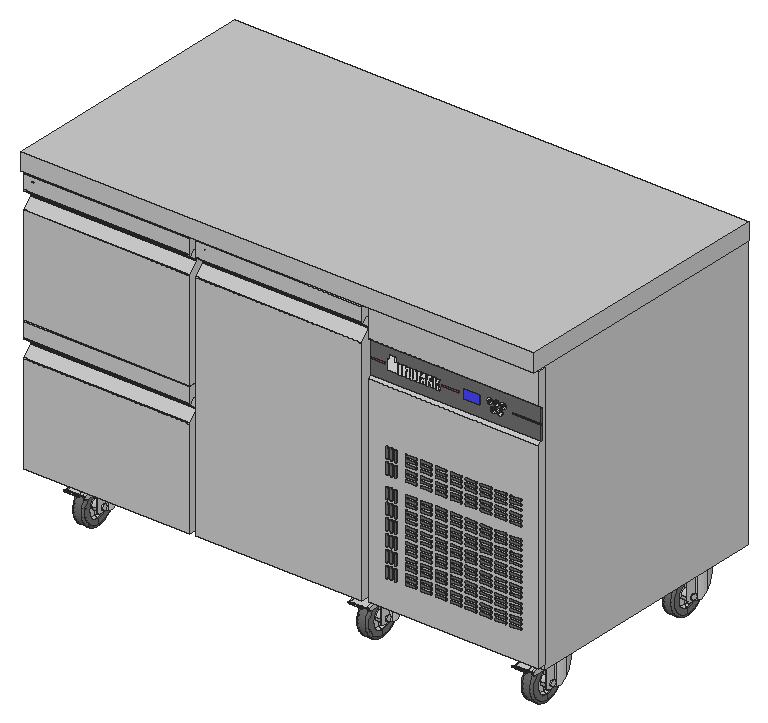
Revit family "QF_INOMAK_PNRP99_250612075801", category Specialty Equipment, Revit 2021 (continued)
Definition of nested family "QF_INOMAK_REF_COUNTERS_DOORS_DRAWERS_16448"
  Parameters (values of type "DR-LX-710")
    NAFEM Spec ID Number [instance] = ""
    Model Warning [instance] = ""
    Model = "DR-LX-710"
    Masterspec [instance] = ""
    Manufacturer = "INOMAK"
    Length Actual [instance] = 435 mm
    Left panel thickness [instance] = 0 mm
    Item Number [instance] = ""
    Installed By [instance] = ""
    Installation Date [instance] = ""
    Identify Quantity as Lot [instance] = yes
    ID [instance] = ""
    Hygiene Approval [instance] = ""
    Height Actual [instance] = 710 mm
    Furnished By [instance] = ""
    Front inset [instance] = 10 mm
    Foodservice Equipment Identifier [instance] = yes
    Finish [instance] = none
    ETL Approved [instance] = yes
    Doors drawers type [instance] = 8
    Description = "LEFT HINGED DOOR"
    Depth Actual [instance] = 700 mm
    Default Elevation = 0 mm
    CSI MasterFormat [instance] = ""
    CE Approved [instance] = yes
    Bottom inset [instance] = 10 mm
    Barcode [instance] = ""
    Author [instance] = ""
    Asset Identifier [instance] = ""
    Assembly Code = "E1090320"
    Accessory [instance] = yes
  Types (9, lengths in mm): name | Model | Height Actual | Doors drawers type | Description
    DW-2-710 | "DW-2-710" | 710 | 4 | "2 X GN 1/2 DRAWERS"
    DR-LX-710 | "DR-LX-710" | 710 | 8 | "LEFT HINGED DOOR"
    DR-RX-710 | "DR-RX-710" | 710 | 9 | "RIGHT HINGED DOOR"
    DW-3-710 | "DW-3-710" | 710 | 6 | "3 X GN 1/3 DRAWERS"
    DW-B-710 | "DW-B-710" | 710 | 5 | "1 X GN 1/3 & 1 X GN 2/3 DRAWERS"
    DW-2-483 | "DW-2-483" | 483 | 4 | "2 X GN 1/3 DRAWERS"
    DR-LX-483 | "DR-LX-483" | 483 | 8 | "LEFT HINGED DOOR"
    DR-RX-483 | "DR-RX-483" | 483 | 9 | "RIGHT HINGED DOOR"
    DW-1-483 | "DW-1-483" | 483 | 10 | "1 X GN 2/3 DRAWER"
  Reference planes
    plane 1 "Front": y = 0
    plane 2: z = 0
    plane 3 "Left": x = 0
    plane 4 "Right": x = 435
    plane 5 "Back": y = 700
    plane 6 "Top": z = 710
    plane 7 "Bottom shelf": z = 0
    plane 8: z = 700
    plane 9: z = 10
    plane 10: x = 0
    plane 11: x = 435
    plane 12 "Center Top Bottom": z = 355
  Lines and regions (mm)
    reference lines
      curve 1: line (0, 0, 355) -> (0, 25, 355)
      curve 2: line (435, 0, 355) -> (435, 25, 355)
      curve 3: line (0, 700, 355) -> (435, 700, 355)
      curve 4: line (0, 0, 355) -> (435, 0, 355)
  Dimensions and locks
    "Length Actual": plane 3 "Left" to plane 4 "Right"
    "Depth Actual": plane 1 "Front" to plane 5 "Back"
    "Height Actual": plane 6 "Top" to plane 7 "Bottom shelf"
    "Plinth height": plane 7 "Bottom shelf" to plane 2
    "Top inset": plane 6 "Top" to plane 8
    "Bottom inset": plane 9 to plane 7 "Bottom shelf"
    "Left panel thickness": plane 3 "Left" to plane 10
    "Right panel thickness": plane 11 to plane 4 "Right"
    equal spacing: plane 6 "Top", plane 12 "Center Top Bottom", plane 7 "Bottom shelf"
    "Length Actual": curve 1 to plane 4 "Right"
    "Length Actual": plane 3 "Left" to curve 2
    "Depth Actual": plane 1 "Front" to curve 3
    "Depth Actual": plane 5 "Back" to curve 4
    aligned and locked: level to plane 2
    aligned and locked: plane 3 "Left" to nested 1
    aligned and locked: plane 3 "Left" to nested 2
    aligned and locked: plane 3 "Left" to nested 3
    aligned and locked: plane 3 "Left" to nested 4
    aligned and locked: plane 3 "Left" to nested 5
    aligned and locked: plane 3 "Left" to nested 6
    aligned and locked: plane 3 "Left" to nested 7
    aligned and locked: plane 3 "Left" to nested 8
    aligned and locked: plane 3 "Left" to nested 9
    aligned and locked: nested 4 to plane 1 "Front"
    aligned and locked: nested 6 to plane 1 "Front"
    aligned and locked: nested 8 to plane 1 "Front"
    aligned and locked: nested 5 to plane 1 "Front"
    aligned and locked: nested 3 to plane 1 "Front"
    aligned and locked: nested 7 to plane 1 "Front"
    aligned and locked: nested 2 to plane 1 "Front"
    aligned and locked: nested 1 to plane 1 "Front"
    aligned and locked: nested 9 to plane 1 "Front"
  Automatic sketch dimensions
    curve 3 to plane 4 "Right" = 0 mm
    curve 3 to plane 3 "Left" = 0 mm
    curve 2 to curve 2 = 25 mm
    curve 1 to curve 1 = 25 mm
  Nested families
    nested 1: "Right_Door" at (0, 700, 0), Depth Actual <- "Depth Actual", Height Actual <- "Height Actual", Length Actual <- "Length Actual", Front inset <- "Front inset", Rear inset <- "Rear inset", Left panel thickness <- "Left panel thickness", Right panel thickness <- "Right panel thickness", Doors drawers type <- "Doors drawers type", Plinth height <- "Plinth height", Top inset <- "Top inset", Bottom inset <- "Bottom inset", type "Right door"
      with Top inset 10 mm, Right panel thickness 0 mm, Right hand hinged door no, Rear inset 0 mm, Plinth height 0 mm, Length Actual 435 mm, Left panel thickness 0 mm, Height Actual 710 mm, Front inset 10 mm, Doors drawers type 8, Depth Actual 700 mm, Bottom inset 10 mm
    nested 2: "Left_Door" at (0, 700, 0), Depth Actual <- "Depth Actual", Height Actual <- "Height Actual", Length Actual <- "Length Actual", Front inset <- "Front inset", Rear inset <- "Rear inset", Left panel thickness <- "Left panel thickness", Right panel thickness <- "Right panel thickness", Doors drawers type <- "Doors drawers type", Plinth height <- "Plinth height", Top inset <- "Top inset", Bottom inset <- "Bottom inset", type "Left door"
      with Top inset 10 mm, Right panel thickness 0 mm, Rear inset 0 mm, Plinth height 0 mm, Length Actual 435 mm, Left panel thickness 0 mm, Left hand hinged door yes, Height Actual 710 mm, Front inset 10 mm, Doors drawers type 8, Depth Actual 700 mm, Bottom inset 10 mm
    nested 3: "3_Drawers_1-3" at (0, 700, 0), Depth Actual <- "Depth Actual", Height Actual <- "Height Actual", Length Actual <- "Length Actual", Front inset <- "Front inset", Rear inset <- "Rear inset", Left panel thickness <- "Left panel thickness", Right panel thickness <- "Right panel thickness", Doors drawers type <- "Doors drawers type", Plinth height <- "Plinth height", Top inset <- "Top inset", Bottom inset <- "Bottom inset", type "3 Drawers 1-3"
      with Top inset 10 mm, Right panel thickness 0 mm, Rear inset 0 mm, Plinth height 0 mm, Length Actual 435 mm, Left panel thickness 0 mm, Height Actual 710 mm, Front inset 10 mm, Doors drawers type 8, Depth Actual 700 mm, Bottom inset 10 mm, 3 Drawers no
    nested 4: "2_Drawers_1-2" at (0, 700, 0), Depth Actual <- "Depth Actual", Height Actual <- "Height Actual", Length Actual <- "Length Actual", Front inset <- "Front inset", Rear inset <- "Rear inset", Left panel thickness <- "Left panel thickness", Right panel thickness <- "Right panel thickness", Doors drawers type <- "Doors drawers type", Plinth height <- "Plinth height", Top inset <- "Top inset", Bottom inset <- "Bottom inset", type "2 Drawers 1-2"
      with Top inset 10 mm, Right panel thickness 0 mm, Rear inset 0 mm, Plinth height 0 mm, Length Actual 435 mm, Left panel thickness 0 mm, Height Actual 710 mm, Front inset 10 mm, Doors drawers type 8, Depth Actual 700 mm, Bottom inset 10 mm, 2 Drawers no
    nested 5: "2_Drawers_1-3_2-3" at (0, 700, 0), Depth Actual <- "Depth Actual", Height Actual <- "Height Actual", Length Actual <- "Length Actual", Front inset <- "Front inset", Rear inset <- "Rear inset", Left panel thickness <- "Left panel thickness", Right panel thickness <- "Right panel thickness", Doors drawers type <- "Doors drawers type", Plinth height <- "Plinth height", Top inset <- "Top inset", Bottom inset <- "Bottom inset", type "2 Drawers 1-3 and 2-3"
      with Top inset 10 mm, Right panel thickness 0 mm, Rear inset 0 mm, Plinth height 0 mm, Length Actual 435 mm, Left panel thickness 0 mm, Height Actual 710 mm, Front inset 10 mm, Doors drawers type 8, Depth Actual 700 mm, Bottom inset 10 mm, 2 Drawers 1-3 and 2-3 no
    nested 6: "Sliding_Doors" at (0, 700, 0), Depth Actual <- "Depth Actual", Height Actual <- "Height Actual", Length Actual <- "Length Actual", Front inset <- "Front inset", Rear inset <- "Rear inset", Left panel thickness <- "Left panel thickness", Right panel thickness <- "Right panel thickness", Doors drawers type <- "Doors drawers type", Plinth height <- "Plinth height", Top inset <- "Top inset", Bottom inset <- "Bottom inset", Finish <- "Finish", type "Sliding doors"
      with Top inset 10 mm, Sliding doors no, Right panel thickness 0 mm, Rear inset 0 mm, Plinth height 0 mm, Length Actual 435 mm, Left panel thickness 0 mm, Height Actual 710 mm, Front inset 10 mm, Finish none, Doors drawers type 8, Depth Actual 700 mm, Bottom inset 10 mm
    nested 7: "4_Drawers_1-4" at (0, 700, 0), Depth Actual <- "Depth Actual", Height Actual <- "Height Actual", Length Actual <- "Length Actual", Front inset <- "Front inset", Rear inset <- "Rear inset", Left panel thickness <- "Left panel thickness", Right panel thickness <- "Right panel thickness", Doors drawers type <- "Doors drawers type", Plinth height <- "Plinth height", Top inset <- "Top inset", Bottom inset <- "Bottom inset", Finish <- "Finish", type "4 Drawers 1-4"
      with Top inset 10 mm, Right panel thickness 0 mm, Rear inset 0 mm, Plinth height 0 mm, Length Actual 435 mm, Left panel thickness 0 mm, Height Actual 710 mm, Front inset 10 mm, Finish none, Doors drawers type 8, Depth Actual 700 mm, Bottom inset 10 mm, 4 Drawers no
    nested 8: "Hinged_Doors" at (0, 700, 0), Length Actual <- "Length Actual", Depth Actual <- "Depth Actual", Height Actual <- "Height Actual", Front inset <- "Front inset", Rear inset <- "Rear inset", Left panel thickness <- "Left panel thickness", Right panel thickness <- "Right panel thickness", Doors drawers type <- "Doors drawers type", Plinth height <- "Plinth height", Top inset <- "Top inset", Bottom inset <- "Bottom inset", Finish <- "Finish", type "Hinged doors"
      with Top inset 10 mm, Right panel thickness 0 mm, Rear inset 0 mm, Plinth height 0 mm, Length Actual 435 mm, Left panel thickness 0 mm, Hinged doors no, Height Actual 710 mm, Front inset 10 mm, Finish none, Doors drawers type 8, Depth Actual 700 mm, Bottom inset 10 mm
    nested 9: "Hopper" at (0, 700, 1.284), Length Actual <- "Length Actual", Depth Actual <- "Depth Actual", Height Actual <- "Height Actual", Front inset <- "Front inset", Rear inset <- "Rear inset", Left panel thickness <- "Left panel thickness", Right panel thickness <- "Right panel thickness", Doors drawers type <- "Doors drawers type", Plinth height <- "Plinth height", Top inset <- "Top inset", Bottom inset <- "Bottom inset", Finish <- "Finish", type "Hopper"
      with Top inset 10 mm, Right panel thickness 0 mm, Rear inset 0 mm, Plinth height 0 mm, Length Actual 435 mm, Left panel thickness 0 mm, Hopper no, Height Actual 710 mm, Front inset 10 mm, Finish none, Doors drawers type 8, Depth Actual 700 mm, Bottom inset 10 mm
  Definition of nested family "Left_Door"
    Parameters (values of type "Left door")
      URL = "www.specifiglobal.com"
      Top inset [instance] = 10 mm
      Right panel thickness [instance] = 0 mm
      Rear inset [instance] = 0 mm
      Plinth height [instance] = 150 mm
      Model = ""
      Manufacturer = "DEMO CONSULTANT"
      Length Actual [instance] = 700 mm
      Left panel thickness [instance] = 0 mm
      Left hand hinged door [instance] = Doors drawers type = 8  # yes
      Height Actual [instance] = 710 mm
      Front inset [instance] = 10 mm
      Finish = none
      Doors drawers type [instance] = 8
      Description = ""
      Depth Actual [instance] = 700 mm
      Default Elevation = 0 mm
      Bottom inset [instance] = 0 mm
      Assembly Code = "E1090320"
    Reference planes
      plane 1 "Back": y = 0
      plane 2: z = 0
      plane 3 "Left": x = 0
      plane 4 "Right": x = 700
      plane 5 "Front": y = -700
      plane 6 "Top": z = 860
      plane 7 "Front legs": y = -690
      plane 8 "Legs top": z = 150
      plane 9 "Backsplash thickness": y = 0
      plane 10 "Left panel": x = 0
      plane 11 "Right panel": x = 700
      plane 12: z = 850
      plane 13: z = 150
    Forms (mm)
      Extrusion 1, solid, material <- "Finish", visible <- "Left hand hinged door"
        sketch origin (0, 0, 0) x (0, -1, 0) y (0, 0, 1)
          loop
            line (690, 150) -> (690, 764.365)
            arc (690, 764.365) -> (689.866, 765.037) -> (689.485, 765.607) r 1.757
            line (689.485, 765.607) -> (666.663, 788.429)
            arc (666.663, 788.429) -> (665.976, 789.458) -> (665.734, 790.672) r 3.172
            line (665.734, 790.672) -> (665.734, 817.576)
            arc (665.734, 817.576) -> (666.433, 819.262) -> (668.119, 819.961) r 2.385
            line (668.119, 819.961) -> (680.029, 819.961) -> (686.544, 810.657)
            arc (686.544, 810.657) -> (688.671, 809.935) -> (690, 811.747) r 1.9
            line (690, 811.747) -> (690, 850) -> (648, 850) -> (648, 150) -> (690, 150)
        from 0 to -700
      Extrusion 2, solid, visible <- "Left hand hinged door", detail levels coarse
        sketch origin (0, -700, 150) x (-1, 0, 0) y (0, 1, 0)
          loop
            arc (-700, 10) -> (-495.871, -481.066) -> (0, -673.23) r 677.11
            line (0, -673.23) -> (0, 10) -> (-700, 10)
        from 0 to -700
    Lines and regions (mm)
      symbolic lines, visible <- "Left hand hinged door"
        curve 1: line (0, -700, 150) -> (0, -1373.247, 150)
        curve 2: arc (0, -1373.247, 150) -> (492.316, -1184.595, 150) -> (700, -700, 150) r 676.963
    Dimensions and locks
      "Length Actual": plane 3 "Left" to plane 4 "Right"
      "Depth Actual": plane 5 "Front" to plane 1 "Back"
      "Height Actual": plane 6 "Top" to plane 8 "Legs top"
      "Front inset": plane 7 "Front legs" to plane 5 "Front"
      "Plinth height": plane 8 "Legs top" to plane 2
      "Rear inset": plane 9 "Backsplash thickness" to plane 1 "Back"
      "Right panel thickness": plane 11 "Right panel" to plane 4 "Right"
      "Left panel thickness": plane 3 "Left" to plane 10 "Left panel"
      "Top inset": plane 6 "Top" to plane 12
      "Bottom inset": plane 13 to plane 8 "Legs top"
      aligned and locked: level to plane 2
      aligned and locked: Extrusion 1 to plane 11 "Right panel"
      aligned and locked: plane 10 "Left panel" to Extrusion 2 sketch curve
      aligned and locked: plane 11 "Right panel" to Extrusion 2 sketch curve
      aligned and locked: Extrusion 2 sketch curve to plane 10 "Left panel"
      aligned and locked: plane 7 "Front legs" to Extrusion 2 sketch curve
      aligned and locked: plane 7 "Front legs" to Extrusion 2
      aligned and locked: plane 10 "Left panel" to Extrusion 2
      aligned and locked: Extrusion 2 to plane 12
      aligned and locked: Extrusion 1 sketch curve to plane 13
      aligned and locked: Extrusion 1 sketch curve to plane 7 "Front legs"
      aligned and locked: Extrusion 1 sketch curve to plane 12
    Automatic sketch dimensions
      Extrusion 1 sketch curve to Extrusion 1 sketch curve = 1.556 mm
      Extrusion 1 sketch curve to Extrusion 1 sketch curve = 11.91 mm
      Extrusion 1 sketch curve to Extrusion 1 sketch curve = 2.243 mm
      Extrusion 1 sketch curve to Extrusion 1 sketch curve = 2.385 mm
      Extrusion 1 sketch curve to Extrusion 1 sketch curve = 20.119 mm
      Extrusion 1 sketch curve to Extrusion 1 sketch curve = 22.822 mm
      Extrusion 1 sketch curve to Extrusion 1 sketch curve = 19.985 mm
      Extrusion 1 sketch curve to Extrusion 1 sketch curve = 6.919 mm
      Extrusion 1 sketch curve to Extrusion 1 sketch curve = 30.039 mm
      plane 7 "Front legs" to Extrusion 1 sketch curve = 42 mm
      Extrusion 1 sketch curve to Extrusion 1 sketch curve = 0.929 mm
      Extrusion 1 sketch curve to Extrusion 1 sketch curve = 6.515 mm
      Extrusion 1 sketch curve to Extrusion 1 sketch curve = 1.242 mm
      Extrusion 1 sketch curve to Extrusion 1 sketch curve = 1.9 mm
      Extrusion 1 sketch curve to Extrusion 1 sketch curve = 0.515 mm
      plane 5 "Front" to Extrusion 2 sketch curve = 3.492 mm
      plane 3 "Left" to Extrusion 2 sketch curve = 22.921 mm
      curve 1 to plane 3 "Left" = 0 mm
      curve 2 to plane 4 "Right" = 0 mm
      curve 2 to plane 5 "Front" = 0 mm
      curve 1 to plane 5 "Front" = 0 mm
      plane 5 "Front" to curve 2 = 3.324 mm
      plane 3 "Left" to curve 2 = 23.045 mm
  Definition of nested family "Right_Door"
    Parameters (values of type "Right door")
      URL = "www.specifiglobal.com"
      Top inset [instance] = 4 mm
      Right panel thickness [instance] = 35 mm
      Right hand hinged door [instance] = Doors drawers type = 9  # yes
      Rear inset [instance] = 10 mm
      Plinth height [instance] = 150 mm
      Model = ""
      Manufacturer = "DEMO CONSULTANT"
      Length Actual [instance] = 1700 mm
      Left panel thickness [instance] = 35 mm
      Height Actual [instance] = 900 mm
      Front inset [instance] = 10 mm
      Finish = none
      Doors drawers type [instance] = 9
      Description = ""
      Depth Actual [instance] = 700 mm
      Default Elevation = 0 mm
      Bottom inset [instance] = 4 mm
      Assembly Code = "E1090320"
    Reference planes
      plane 1 "Back": y = 0
      plane 2: z = 0
      plane 3 "Left": x = 0
      plane 4 "Right": x = 1700
      plane 5 "Front": y = -700
      plane 6 "Top": z = 1050
      plane 7 "Front legs": y = -690
      plane 8 "Legs top": z = 150
      plane 9 "Backsplash thickness": y = -10
      plane 10 "Left panel": x = 35
      plane 11 "Right panel": x = 1665
      plane 12: z = 1046
      plane 13: z = 154
    Forms (mm)
      Extrusion 1, solid, material <- "Finish", visible <- "Right hand hinged door"
        sketch origin (35, 0, 0) x (0, -1, 0) y (0, 0, 1)
          loop
            line (690, 154) -> (690, 960.365)
            arc (690, 960.365) -> (689.866, 961.037) -> (689.485, 961.607) r 1.757
            line (689.485, 961.607) -> (666.663, 984.429)
            arc (666.663, 984.429) -> (665.976, 985.458) -> (665.734, 986.672) r 3.172
            line (665.734, 986.672) -> (665.734, 1013.576)
            arc (665.734, 1013.576) -> (666.433, 1015.262) -> (668.119, 1015.961) r 2.385
            line (668.119, 1015.961) -> (680.029, 1015.961) -> (686.544, 1006.657)
            arc (686.544, 1006.657) -> (688.671, 1005.935) -> (690, 1007.747) r 1.9
            line (690, 1007.747) -> (690, 1046) -> (648, 1046) -> (648, 154) -> (690, 154)
        from 0 to -1630
      Extrusion 2, solid, visible <- "Right hand hinged door", detail levels coarse
        sketch origin (0, -700, 154) x (-1, 0, 0) y (0, 1, 0)
          loop
            line (-1665, 10) -> (-1665, -1637.12)
            arc (-1665, -1637.12) -> (-517.894, -1142.214) -> (-35, 10) r 1670.236
            line (-35, 10) -> (-1665, 10)
        from 0 to -892
    Lines and regions (mm)
      symbolic lines, visible <- "Right hand hinged door"
        curve 1: line (1665, -2337.12, 150) -> (1665, -700, 150)
        curve 2: arc (1665, -2337.12, 150) -> (521.415, -1845.762, 150) -> (35.165, -699.995, 150) r 1670.236
    Dimensions and locks
      "Length Actual": plane 3 "Left" to plane 4 "Right"
      "Depth Actual": plane 5 "Front" to plane 1 "Back"
      "Height Actual": plane 6 "Top" to plane 8 "Legs top"
      "Front inset": plane 7 "Front legs" to plane 5 "Front"
      "Plinth height": plane 8 "Legs top" to plane 2
      "Rear inset": plane 9 "Backsplash thickness" to plane 1 "Back"
      "Right panel thickness": plane 11 "Right panel" to plane 4 "Right"
      "Left panel thickness": plane 3 "Left" to plane 10 "Left panel"
      "Top inset": plane 6 "Top" to plane 12
      "Bottom inset": plane 13 to plane 8 "Legs top"
      aligned and locked: level to plane 2
      aligned and locked: Extrusion 1 to plane 11 "Right panel"
      aligned and locked: plane 10 "Left panel" to Extrusion 2 sketch curve
      aligned and locked: plane 11 "Right panel" to Extrusion 2 sketch curve
      aligned and locked: plane 7 "Front legs" to Extrusion 2
      aligned and locked: plane 7 "Front legs" to Extrusion 2 sketch curve
      aligned and locked: Extrusion 2 sketch curve to plane 11 "Right panel"
      aligned and locked: curve 1 to Extrusion 2
      aligned and locked: plane 5 "Front" to curve 1
      aligned and locked: Extrusion 2 to plane 12
      aligned and locked: Extrusion 1 sketch curve to plane 12
      aligned and locked: Extrusion 1 sketch curve to plane 7 "Front legs"
      aligned and locked: Extrusion 1 sketch curve to plane 13
      aligned and locked: curve 2 to Extrusion 2
    Automatic sketch dimensions
      Extrusion 1 sketch curve to Extrusion 1 sketch curve = 1.556 mm
      Extrusion 1 sketch curve to Extrusion 1 sketch curve = 11.91 mm
      Extrusion 1 sketch curve to Extrusion 1 sketch curve = 2.243 mm
      Extrusion 1 sketch curve to Extrusion 1 sketch curve = 2.385 mm
      Extrusion 1 sketch curve to Extrusion 1 sketch curve = 20.119 mm
      Extrusion 1 sketch curve to Extrusion 1 sketch curve = 22.822 mm
      Extrusion 1 sketch curve to Extrusion 1 sketch curve = 19.985 mm
      Extrusion 1 sketch curve to Extrusion 1 sketch curve = 6.919 mm
      Extrusion 1 sketch curve to Extrusion 1 sketch curve = 30.039 mm
      plane 7 "Front legs" to Extrusion 1 sketch curve = 42 mm
      Extrusion 1 sketch curve to Extrusion 1 sketch curve = 0.929 mm
      Extrusion 1 sketch curve to Extrusion 1 sketch curve = 6.515 mm
      Extrusion 1 sketch curve to Extrusion 1 sketch curve = 1.242 mm
      Extrusion 1 sketch curve to Extrusion 1 sketch curve = 1.9 mm
      Extrusion 1 sketch curve to Extrusion 1 sketch curve = 0.515 mm
      Extrusion 2 sketch curve to plane 4 "Right" = 5.083 mm
      plane 7 "Front legs" to Extrusion 2 sketch curve = 22.635 mm
      plane 5 "Front" to curve 2 = 0.005 mm
  Definition of nested family "3_Drawers_1-3"
    Parameters (values of type "3 Drawers 1-3")
      URL = "www.specifiglobal.com"
      Top inset [instance] = 4 mm
      Right panel thickness [instance] = 35 mm
      Rear inset [instance] = 10 mm
      Plinth height [instance] = 150 mm
      Model = ""
      Manufacturer = "DEMO CONSULTANT"
      Length Actual [instance] = 1200 mm
      Left panel thickness [instance] = 35 mm
      Height Actual [instance] = 900 mm
      Front inset [instance] = 10 mm
      Finish = none
      Doors drawers type [instance] = 6
      Description = ""
      Depth Actual [instance] = 700 mm
      Default Elevation = 0 mm
      Bottom inset [instance] = 4 mm
      Assembly Code = "E1090320"
      3 Drawers [instance] = Doors drawers type = 6  # yes
    Reference planes
      plane 1 "Back": y = 0
      plane 2: z = 0
      plane 3 "Left": x = 0
      plane 4 "Right": x = 1200
      plane 5 "Front": y = -700
      plane 6 "Top": z = 1050
      plane 7 "Front legs": y = -690
      plane 8 "Legs top": z = 150
      plane 9 "Backsplash thickness": y = -10
      plane 10 "Left panel": x = 35
      plane 11 "Right panel": x = 1165
      plane 12: z = 749.333
      plane 13: z = 1046
      plane 14: z = 751.667
      plane 15: z = 747
      plane 16: z = 1048
      plane 17: z = 450.667
      plane 18: z = 453.333
      plane 19: z = 448
      plane 20: z = 154
      plane 21: z = 152
    Forms (mm)
      Extrusion 1, solid, material <- "Finish", visible <- "3 Drawers"
        sketch origin (35, 0, 0) x (0, -1, 0) y (0, 0, 1)
          loop
            line (690, 751.667) -> (690, 960.365)
            arc (690, 960.365) -> (689.866, 961.037) -> (689.485, 961.607) r 1.757
            line (689.485, 961.607) -> (666.663, 984.429)
            arc (666.663, 984.429) -> (665.976, 985.458) -> (665.734, 986.672) r 3.172
            line (665.734, 986.672) -> (665.734, 1013.576)
            arc (665.734, 1013.576) -> (666.433, 1015.262) -> (668.119, 1015.961) r 2.385
            line (668.119, 1015.961) -> (680.029, 1015.961) -> (686.544, 1006.657)
            arc (686.544, 1006.657) -> (688.671, 1005.935) -> (690, 1007.747) r 1.9
            line (690, 1007.747) -> (690, 1046) -> (648, 1046) -> (648, 751.667) -> (690, 751.667)
        from 0 to -1130
      Extrusion 2, solid, visible <- "3 Drawers", detail levels coarse
        sketch origin (0, -640.463, 751.667) x (0, 1, 0) y (-1, 0, 0)
          loop
            line (-49.537, -35) -> (-624.582, -35) -> (-624.582, -1165) -> (-49.537, -1165) -> (-49.537, -35)
        from 0 to 294.333
      Extrusion 3, solid, visible <- "3 Drawers", detail levels coarse
        sketch origin (0, -640.463, 453.333) x (0, 1, 0) y (-1, 0, 0)
          loop
            line (-49.537, -35) -> (-624.582, -35) -> (-624.582, -1165) -> (-49.537, -1165) -> (-49.537, -35)
        from 0 to 293.667
      Extrusion 4, solid, visible <- "3 Drawers", detail levels coarse
        sketch origin (0, -700, 154) x (-1, 0, 0) y (0, 1, 0)
          loop
            line (-35, 10) -> (-1165, 10) -> (-1165, -565.045) -> (-35, -565.045) -> (-35, 10)
        from 0 to -294
      Extrusion 5, solid, material <- "Finish", visible <- "3 Drawers"
        sketch origin (35, 0, -220.667) x (0, -1, 0) y (0, 0, 1)
          loop
            line (690, 674) -> (690, 882.031)
            arc (690, 882.031) -> (689.866, 882.704) -> (689.485, 883.274) r 1.757
            line (689.485, 883.274) -> (666.663, 906.096)
            arc (666.663, 906.096) -> (665.976, 907.125) -> (665.734, 908.339) r 3.172
            line (665.734, 908.339) -> (665.734, 935.243)
            arc (665.734, 935.243) -> (666.433, 936.929) -> (668.119, 937.628) r 2.385
            line (668.119, 937.628) -> (680.029, 937.628) -> (686.544, 928.324)
            arc (686.544, 928.324) -> (688.671, 927.602) -> (690, 929.414) r 1.9
            line (690, 929.414) -> (690, 967.667) -> (648, 967.667) -> (648, 674) -> (690, 674)
        from 0 to -1130
      Extrusion 6, solid, material <- "Finish", visible <- "3 Drawers"
        sketch origin (35, 0, -441.333) x (0, -1, 0) y (0, 0, 1)
          loop
            line (690, 595.333) -> (690, 800.031)
            arc (690, 800.031) -> (689.866, 800.704) -> (689.485, 801.274) r 1.757
            line (689.485, 801.274) -> (666.663, 824.096)
            arc (666.663, 824.096) -> (665.976, 825.125) -> (665.734, 826.339) r 3.172
            line (665.734, 826.339) -> (665.734, 857.243)
            arc (665.734, 857.243) -> (666.433, 858.929) -> (668.119, 859.628) r 2.385
            line (668.119, 859.628) -> (680.029, 859.628) -> (686.544, 850.324)
            arc (686.544, 850.324) -> (688.671, 849.602) -> (690, 851.414) r 1.9
            line (690, 851.414) -> (690, 889.333) -> (648, 889.333) -> (648, 595.333) -> (690, 595.333)
        from 0 to -1130
    Lines and regions (mm)
      symbolic lines, visible <- "3 Drawers"
        curve 1: line (35, -850, 900) -> (35, -890, 900)
        curve 2: line (35, -890, 900) -> (1165, -890, 900)
        curve 3: line (1165, -890, 900) -> (1165, -850, 900)
        curve 4: line (1165, -850, 900) -> (35, -850, 900)
        curve 5: line (1135, -850, 900) -> (1135, -700, 900)
        curve 6: line (65, -850, 900) -> (65, -700, 900)
        curve 7: line (35, -1040, 900) -> (35, -1080, 900)
        curve 8: line (35, -1080, 900) -> (1165, -1080, 900)
        curve 9: line (1165, -1080, 900) -> (1165, -1040, 900)
        curve 10: line (1165, -1040, 900) -> (35, -1040, 900)
        curve 11: line (1135, -1040, 900) -> (1135, -890, 900)
        curve 12: line (65, -1040, 900) -> (65, -890, 900)
        curve 13: line (35, -1225, 900) -> (35, -1265, 900)
        curve 14: line (35, -1265, 900) -> (1165, -1265, 900)
        curve 15: line (1165, -1265, 900) -> (1165, -1225, 900)
        curve 16: line (1165, -1225, 900) -> (35, -1225, 900)
        curve 17: line (1135, -1225, 900) -> (1135, -1080, 900)
        curve 18: line (65, -1225, 900) -> (65, -1080, 900)
    Dimensions and locks
      "Length Actual": plane 3 "Left" to plane 4 "Right"
      "Depth Actual": plane 5 "Front" to plane 1 "Back"
      "Height Actual": plane 6 "Top" to plane 8 "Legs top"
      "Front inset": plane 7 "Front legs" to plane 5 "Front"
      "Plinth height": plane 8 "Legs top" to plane 2
      "Rear inset": plane 9 "Backsplash thickness" to plane 1 "Back"
      "Right panel thickness": plane 11 "Right panel" to plane 4 "Right"
      "Left panel thickness": plane 3 "Left" to plane 10 "Left panel"
      plane 14 to plane 15 = 4.667 mm
      equal spacing: plane 14, plane 12, plane 15
      locked: plane 16 to plane 13 at 2
      equal spacing: plane 18, plane 17, plane 19
      plane 18 to plane 19 = 5.333 mm
      "Bottom inset": plane 20 to plane 8 "Legs top"
      equal spacing: plane 21, plane 17, plane 12, plane 16
      "Top inset": plane 13 to plane 6 "Top"
      locked: plane 21 to plane 20 at 2
      aligned and locked: level to plane 2
      aligned and locked: Extrusion 1 to plane 11 "Right panel"
      aligned and locked: plane 10 "Left panel" to curve 1
      aligned and locked: plane 10 "Left panel" to curve 7
      aligned and locked: plane 10 "Left panel" to curve 13
      aligned and locked: Extrusion 2 sketch curve to plane 10 "Left panel"
      aligned and locked: plane 11 "Right panel" to Extrusion 2 sketch curve
      aligned and locked: Extrusion 3 sketch curve to plane 10 "Left panel"
      aligned and locked: plane 11 "Right panel" to Extrusion 3 sketch curve
      aligned and locked: Extrusion 4 sketch curve to plane 10 "Left panel"
      aligned and locked: plane 11 "Right panel" to Extrusion 4 sketch curve
      aligned and locked: Extrusion 2 to plane 13
      aligned and locked: Extrusion 3 to plane 15
      aligned and locked: Extrusion 4 to plane 19
      aligned and locked: Extrusion 5 to plane 11 "Right panel"
      aligned and locked: Extrusion 6 to plane 11 "Right panel"
      aligned and locked: Extrusion 1 sketch curve to plane 13
      aligned and locked: Extrusion 1 sketch curve to plane 7 "Front legs"
      aligned and locked: plane 18 to Extrusion 5 sketch curve
      aligned and locked: Extrusion 6 sketch curve to Extrusion 4  (x2)
      aligned and locked: Extrusion 5 sketch curve to plane 15
      aligned and locked: Extrusion 4 to Extrusion 5 sketch curve
      aligned and locked: Extrusion 6 sketch curve to plane 19
      aligned and locked: Extrusion 6 sketch curve to plane 20
    Automatic sketch dimensions
      Extrusion 2 sketch curve to plane 7 "Front legs" = 0 mm
      Extrusion 2 sketch curve to plane 5 "Front" = 565.045 mm
      Extrusion 3 sketch curve to plane 7 "Front legs" = 0 mm
      Extrusion 3 sketch curve to plane 5 "Front" = 565.045 mm
      Extrusion 4 sketch curve to plane 7 "Front legs" = 0 mm
      Extrusion 4 sketch curve to plane 5 "Front" = 565.045 mm
      curve 14 to plane 11 "Right panel" = 0 mm
      curve 8 to plane 11 "Right panel" = 0 mm
      curve 3 to plane 11 "Right panel" = 0 mm
      curve 6 to plane 5 "Front" = 0 mm
      curve 5 to plane 5 "Front" = 0 mm
      curve 1 to plane 5 "Front" = 150 mm
      curve 2 to curve 3 = 40 mm
      curve 10 to curve 1 = 150 mm
      curve 9 to curve 9 = 40 mm
      curve 13 to curve 7 = 145 mm
      curve 14 to curve 13 = 40 mm
      curve 3 to curve 5 = 30 mm
      curve 15 to curve 17 = 30 mm
      curve 11 to curve 17 = 0 mm
      curve 6 to plane 10 "Left panel" = 30 mm
      curve 18 to plane 10 "Left panel" = 30 mm
      curve 12 to curve 18 = 0 mm
      Extrusion 1 sketch curve to plane 14 = 0 mm
      Extrusion 1 sketch curve to plane 7 "Front legs" = 0 mm
      plane 7 "Front legs" to Extrusion 1 sketch curve = 0.515 mm
      plane 7 "Front legs" to Extrusion 1 sketch curve = 1.757 mm
      plane 7 "Front legs" to Extrusion 1 sketch curve = 1.9 mm
      Extrusion 1 sketch curve to Extrusion 1 sketch curve = 1.556 mm
      plane 7 "Front legs" to Extrusion 1 sketch curve = 9.971 mm
      plane 7 "Front legs" to Extrusion 1 sketch curve = 21.094 mm
      Extrusion 1 sketch curve to Extrusion 1 sketch curve = 11.91 mm
      Extrusion 1 sketch curve to Extrusion 1 sketch curve = 2.243 mm
      Extrusion 1 sketch curve to Extrusion 1 sketch curve = 2.385 mm
      Extrusion 1 sketch curve to Extrusion 1 sketch curve = 20.119 mm
      plane 13 to Extrusion 1 sketch curve = 85.635 mm
      Extrusion 1 sketch curve to Extrusion 1 sketch curve = 22.822 mm
      Extrusion 1 sketch curve to Extrusion 1 sketch curve = 19.985 mm
      Extrusion 1 sketch curve to Extrusion 1 sketch curve = 6.919 mm
      plane 15 to Extrusion 5 sketch curve = 59.328 mm
      Extrusion 5 sketch curve to Extrusion 5 sketch curve = 17.734 mm
      plane 15 to Extrusion 5 sketch curve = 61.571 mm
      Extrusion 5 sketch curve to Extrusion 5 sketch curve = 0.929 mm
      Extrusion 5 sketch curve to Extrusion 5 sketch curve = 2.385 mm
      Extrusion 5 sketch curve to Extrusion 5 sketch curve = 11.91 mm
      Extrusion 5 sketch curve to Extrusion 5 sketch curve = 6.515 mm
      Extrusion 5 sketch curve to Extrusion 5 sketch curve = 1.556 mm
      Extrusion 5 sketch curve to Extrusion 5 sketch curve = 21.58 mm
      plane 15 to Extrusion 5 sketch curve = 84.393 mm
      Extrusion 5 sketch curve to Extrusion 5 sketch curve = 1.242 mm
      Extrusion 5 sketch curve to Extrusion 5 sketch curve = 1.9 mm
      Extrusion 5 sketch curve to Extrusion 5 sketch curve = 0.515 mm
      Extrusion 5 sketch curve to Extrusion 5 sketch curve = 6.919 mm
      Extrusion 5 sketch curve to Extrusion 5 sketch curve = 30.039 mm
      plane 7 "Front legs" to Extrusion 6 sketch curve = 0.515 mm
      plane 7 "Front legs" to Extrusion 6 sketch curve = 1.757 mm
      plane 7 "Front legs" to Extrusion 6 sketch curve = 1.9 mm
      Extrusion 6 sketch curve to Extrusion 6 sketch curve = 1.556 mm
      plane 7 "Front legs" to Extrusion 6 sketch curve = 9.971 mm
      plane 7 "Front legs" to Extrusion 6 sketch curve = 21.094 mm
      Extrusion 6 sketch curve to Extrusion 6 sketch curve = 11.91 mm
      Extrusion 6 sketch curve to Extrusion 6 sketch curve = 2.243 mm
      Extrusion 6 sketch curve to Extrusion 6 sketch curve = 2.385 mm
      Extrusion 6 sketch curve to Extrusion 6 sketch curve = 20.119 mm
      plane 19 to Extrusion 6 sketch curve = 89.302 mm
      Extrusion 6 sketch curve to Extrusion 6 sketch curve = 22.822 mm
      Extrusion 6 sketch curve to Extrusion 6 sketch curve = 23.985 mm
      Extrusion 6 sketch curve to Extrusion 6 sketch curve = 6.919 mm
  Definition of nested family "2_Drawers_1-2"
    Parameters (values of type "2 Drawers 1-2")
      URL = "www.specifiglobal.com"
      Top inset [instance] = 4 mm
      Right panel thickness [instance] = 35 mm
      Rear inset [instance] = 10 mm
      Plinth height [instance] = 150 mm
      Model = ""
      Manufacturer = "DEMO CONSULTANT"
      Length Actual [instance] = 1200 mm
      Left panel thickness [instance] = 35 mm
      Height Actual [instance] = 900 mm
      Front inset [instance] = 10 mm
      Finish = none
      Doors drawers type [instance] = 4
      Description = ""
      Depth Actual [instance] = 700 mm
      Default Elevation = 0 mm
      Bottom inset [instance] = 4 mm
      Assembly Code = "E1090320"
      2 Drawers [instance] = Doors drawers type = 4  # yes
    Reference planes
      plane 1 "Back": y = 0
      plane 2: z = 0
      plane 3 "Left": x = 0
      plane 4 "Right": x = 1200
      plane 5 "Front": y = -700
      plane 6 "Top": z = 1050
      plane 7 "Front legs": y = -690
      plane 8 "Legs top": z = 150
      plane 9 "Backsplash thickness": y = -10
      plane 10 "Left panel": x = 35
      plane 11 "Right panel": x = 1165
      plane 12: z = 600
      plane 13: z = 1046
      plane 14: z = 602
      plane 15: z = 598
      plane 16: z = 154
    Forms (mm)
      Extrusion 1, solid, material <- "Finish", visible <- "2 Drawers"
        sketch origin (35, 0, 0) x (0, -1, 0) y (0, 0, 1)
          loop
            line (690, 602) -> (690, 960.365)
            arc (690, 960.365) -> (689.866, 961.037) -> (689.485, 961.607) r 1.757
            line (689.485, 961.607) -> (666.663, 984.429)
            arc (666.663, 984.429) -> (665.976, 985.458) -> (665.734, 986.672) r 3.172
            line (665.734, 986.672) -> (665.734, 1013.576)
            arc (665.734, 1013.576) -> (666.433, 1015.262) -> (668.119, 1015.961) r 2.385
            line (668.119, 1015.961) -> (680.029, 1015.961) -> (686.544, 1006.657)
            arc (686.544, 1006.657) -> (688.671, 1005.935) -> (690, 1007.747) r 1.9
            line (690, 1007.747) -> (690, 1046) -> (648, 1046) -> (648, 602) -> (690, 602)
        from 0 to -1130
      Extrusion 2, solid, visible <- "2 Drawers", detail levels coarse
        sketch origin (0, -640.463, 602) x (0, 1, 0) y (-1, 0, 0)
          loop
            line (-49.537, -35) -> (-624.537, -35) -> (-624.537, -1165) -> (-49.537, -1165) -> (-49.537, -35)
        from 0 to 444
      Extrusion 3, solid, visible <- "2 Drawers", detail levels coarse
        sketch origin (0, -700, 154) x (-1, 0, 0) y (0, 1, 0)
          loop
            line (-35, 10) -> (-1165, 10) -> (-1165, -565) -> (-35, -565) -> (-35, 10)
        from 0 to -444
      Extrusion 4, solid, material <- "Finish", visible <- "2 Drawers"
        sketch origin (35, 0, -441.333) x (0, -1, 0) y (0, 0, 1)
          loop
            line (690, 595.333) -> (690, 953.698)
            arc (690, 953.698) -> (689.866, 954.37) -> (689.485, 954.94) r 1.757
            line (689.485, 954.94) -> (666.663, 977.763)
            arc (666.663, 977.763) -> (665.976, 978.792) -> (665.734, 980.006) r 3.172
            line (665.734, 980.006) -> (665.734, 1006.909)
            arc (665.734, 1006.909) -> (666.433, 1008.596) -> (668.119, 1009.294) r 2.385
            line (668.119, 1009.294) -> (680.029, 1009.294) -> (686.544, 999.991)
            arc (686.544, 999.991) -> (688.671, 999.268) -> (690, 1001.08) r 1.9
            line (690, 1001.08) -> (690, 1039.333) -> (648, 1039.333) -> (648, 595.333) -> (690, 595.333)
        from 0 to -1130
    Lines and regions (mm)
      symbolic lines, visible <- "2 Drawers"
        curve 1: line (35, -940, 900) -> (35, -980, 900)
        curve 2: line (35, -980, 900) -> (1165, -980, 900)
        curve 3: line (1165, -980, 900) -> (1165, -940, 900)
        curve 4: line (1165, -940, 900) -> (35, -940, 900)
        curve 5: line (1135, -940, 900) -> (1135, -700, 900)
        curve 6: line (65, -940, 900) -> (65, -700, 900)
        curve 7: line (35, -1225, 900) -> (35, -1265, 900)
        curve 8: line (35, -1265, 900) -> (1165, -1265, 900)
        curve 9: line (1165, -1265, 900) -> (1165, -1225, 900)
        curve 10: line (1165, -1225, 900) -> (35, -1225, 900)
        curve 11: line (1135, -1225, 900) -> (1135, -980, 900)
        curve 12: line (65, -1225, 900) -> (65, -980, 900)
    Dimensions and locks
      "Length Actual": plane 3 "Left" to plane 4 "Right"
      "Depth Actual": plane 5 "Front" to plane 1 "Back"
      "Height Actual": plane 6 "Top" to plane 8 "Legs top"
      "Front inset": plane 7 "Front legs" to plane 5 "Front"
      "Plinth height": plane 8 "Legs top" to plane 2
      "Rear inset": plane 9 "Backsplash thickness" to plane 1 "Back"
      "Right panel thickness": plane 11 "Right panel" to plane 4 "Right"
      "Left panel thickness": plane 3 "Left" to plane 10 "Left panel"
      "Top inset": plane 6 "Top" to plane 13
      "Bottom inset": plane 16 to plane 8 "Legs top"
      equal spacing: plane 16, plane 12, plane 13
      locked: plane 14 to plane 12 at 2
      locked: plane 15 to plane 12 at 2
      aligned and locked: level to plane 2
      aligned and locked: Extrusion 1 to plane 11 "Right panel"
      aligned and locked: plane 10 "Left panel" to curve 1
      aligned and locked: plane 10 "Left panel" to curve 7
      aligned and locked: Extrusion 2 sketch curve to plane 10 "Left panel"
      aligned and locked: plane 11 "Right panel" to Extrusion 2 sketch curve
      aligned and locked: Extrusion 3 sketch curve to plane 10 "Left panel"
      aligned and locked: plane 11 "Right panel" to Extrusion 3 sketch curve
      aligned and locked: Extrusion 2 to plane 13
      aligned and locked: Extrusion 4 to plane 11 "Right panel"
      aligned and locked: Extrusion 3 to plane 15
      aligned and locked: Extrusion 1 sketch curve to plane 13
      aligned and locked: Extrusion 1 sketch curve to plane 7 "Front legs"
      aligned and locked: plane 14 to Extrusion 1 sketch curve
      aligned and locked: Extrusion 4 sketch curve to plane 15
      aligned and locked: Extrusion 4 sketch curve to plane 7 "Front legs"
      aligned and locked: Extrusion 4 sketch curve to plane 16
    Automatic sketch dimensions
      Extrusion 2 sketch curve to plane 7 "Front legs" = 0 mm
      Extrusion 2 sketch curve to plane 5 "Front" = 565 mm
      Extrusion 3 sketch curve to plane 7 "Front legs" = 0 mm
      Extrusion 3 sketch curve to plane 5 "Front" = 565 mm
      curve 9 to plane 11 "Right panel" = 0 mm
      curve 2 to plane 11 "Right panel" = 0 mm
      curve 5 to plane 5 "Front" = 0 mm
      curve 6 to plane 5 "Front" = 0 mm
      curve 1 to plane 5 "Front" = 240 mm
      curve 3 to curve 3 = 40 mm
      curve 7 to curve 1 = 245 mm
      curve 8 to curve 9 = 40 mm
      plane 11 "Right panel" to curve 5 = 30 mm
      curve 2 to curve 11 = 30 mm
      curve 6 to plane 10 "Left panel" = 30 mm
      curve 12 to plane 10 "Left panel" = 30 mm
      Extrusion 1 sketch curve to Extrusion 1 sketch curve = 17.734 mm
      Extrusion 1 sketch curve to Extrusion 1 sketch curve = 0.929 mm
      Extrusion 1 sketch curve to Extrusion 1 sketch curve = 2.385 mm
      Extrusion 1 sketch curve to Extrusion 1 sketch curve = 3.172 mm
      Extrusion 1 sketch curve to Extrusion 1 sketch curve = 11.91 mm
      Extrusion 1 sketch curve to Extrusion 1 sketch curve = 6.515 mm
      Extrusion 1 sketch curve to Extrusion 1 sketch curve = 1.556 mm
      Extrusion 1 sketch curve to Extrusion 1 sketch curve = 21.58 mm
      Extrusion 1 sketch curve to Extrusion 1 sketch curve = 1.242 mm
      Extrusion 1 sketch curve to Extrusion 1 sketch curve = 1.9 mm
      Extrusion 1 sketch curve to Extrusion 1 sketch curve = 0.515 mm
      Extrusion 1 sketch curve to Extrusion 1 sketch curve = 22.822 mm
      Extrusion 1 sketch curve to Extrusion 1 sketch curve = 19.985 mm
      Extrusion 1 sketch curve to Extrusion 1 sketch curve = 6.919 mm
      Extrusion 1 sketch curve to Extrusion 1 sketch curve = 30.039 mm
      Extrusion 4 sketch curve to plane 7 "Front legs" = 0 mm
      plane 7 "Front legs" to Extrusion 4 sketch curve = 0.515 mm
      plane 7 "Front legs" to Extrusion 4 sketch curve = 1.757 mm
      plane 7 "Front legs" to Extrusion 4 sketch curve = 1.9 mm
      Extrusion 4 sketch curve to Extrusion 4 sketch curve = 1.556 mm
      plane 7 "Front legs" to Extrusion 4 sketch curve = 9.971 mm
      plane 7 "Front legs" to Extrusion 4 sketch curve = 21.094 mm
      Extrusion 4 sketch curve to Extrusion 4 sketch curve = 11.91 mm
      Extrusion 4 sketch curve to Extrusion 4 sketch curve = 2.243 mm
      Extrusion 4 sketch curve to Extrusion 4 sketch curve = 2.385 mm
      Extrusion 4 sketch curve to Extrusion 4 sketch curve = 20.119 mm
      Extrusion 4 sketch curve to Extrusion 4 sketch curve = 22.822 mm
      Extrusion 4 sketch curve to Extrusion 4 sketch curve = 19.985 mm
      Extrusion 4 sketch curve to Extrusion 4 sketch curve = 6.919 mm
      Extrusion 4 sketch curve to Extrusion 4 sketch curve = 30.039 mm
  Definition of nested family "2_Drawers_1-3_2-3"
    Parameters (values of type "2 Drawers 1-3 and 2-3")
      URL = "www.specifiglobal.com"
      Top inset [instance] = 4 mm
      Right panel thickness [instance] = 35 mm
      Rear inset [instance] = 10 mm
      Plinth height [instance] = 150 mm
      Model = ""
      Manufacturer = "DEMO CONSULTANT"
      Length Actual [instance] = 1200 mm
      Left panel thickness [instance] = 35 mm
      Height Actual [instance] = 900 mm
      Front inset [instance] = 10 mm
      Finish = none
      Doors drawers type [instance] = 5
      Description = ""
      Depth Actual [instance] = 700 mm
      Default Elevation = 0 mm
      Bottom inset [instance] = 4 mm
      Assembly Code = "E1090320"
      2 Drawers 1-3 and 2-3 [instance] = Doors drawers type = 5  # yes
    Reference planes
      plane 1 "Back": y = 0
      plane 2: z = 0
      plane 3 "Left": x = 0
      plane 4 "Right": x = 1200
      plane 5 "Front": y = -700
      plane 6 "Top": z = 1050
      plane 7 "Front legs": y = -690
      plane 8 "Legs top": z = 150
      plane 9 "Backsplash thickness": y = -10
      plane 10 "Left panel": x = 35
      plane 11 "Right panel": x = 1165
      plane 12: z = 1046
      plane 13: z = 751.833
      plane 14: z = 746.833
      plane 15: z = 154
      plane 16: z = 450.667
      plane 17: z = 152
      plane 18: z = 1048
      plane 19: z = 749.333
    Forms (mm)
      Extrusion 1, solid, material <- "Finish", visible <- "2 Drawers 1-3 and 2-3"
        sketch origin (35, 0, 0) x (0, -1, 0) y (0, 0, 1)
          loop
            line (690, 751.833) -> (690, 960.365)
            arc (690, 960.365) -> (689.866, 961.037) -> (689.485, 961.607) r 1.757
            line (689.485, 961.607) -> (666.663, 984.429)
            arc (666.663, 984.429) -> (665.976, 985.458) -> (665.734, 986.672) r 3.172
            line (665.734, 986.672) -> (665.734, 1013.576)
            arc (665.734, 1013.576) -> (666.433, 1015.262) -> (668.119, 1015.961) r 2.385
            line (668.119, 1015.961) -> (680.029, 1015.961) -> (686.544, 1006.657)
            arc (686.544, 1006.657) -> (688.671, 1005.935) -> (690, 1007.747) r 1.9
            line (690, 1007.747) -> (690, 1046) -> (648, 1046) -> (648, 751.833) -> (690, 751.833)
        from 0 to -1130
      Extrusion 2, solid, visible <- "2 Drawers 1-3 and 2-3", detail levels coarse
        sketch origin (0, -640.463, 751.833) x (0, 1, 0) y (-1, 0, 0)
          loop
            line (-49.537, -35) -> (-624.537, -35) -> (-624.537, -1165) -> (-49.537, -1165) -> (-49.537, -35)
        from 0 to 294.167
      Extrusion 3, solid, visible <- "2 Drawers 1-3 and 2-3", detail levels coarse
        sketch origin (0, -700, 154) x (-1, 0, 0) y (0, 1, 0)
          loop
            line (-35, 10) -> (-1165, 10) -> (-1165, -565) -> (-35, -565) -> (-35, 10)
        from 0 to -592.833
      Extrusion 4, solid, material <- "Finish", visible <- "2 Drawers 1-3 and 2-3"
        sketch origin (35, 0, -441.333) x (0, -1, 0) y (0, 0, 1)
          loop
            line (690, 595.333) -> (690, 1101.698)
            arc (690, 1101.698) -> (689.866, 1102.37) -> (689.485, 1102.94) r 1.757
            line (689.485, 1102.94) -> (666.663, 1126.596)
            arc (666.663, 1126.596) -> (665.976, 1127.625) -> (665.734, 1128.839) r 3.172
            line (665.734, 1128.839) -> (665.734, 1155.743)
            arc (665.734, 1155.743) -> (666.433, 1157.429) -> (668.119, 1158.128) r 2.385
            line (668.119, 1158.128) -> (680.029, 1158.128) -> (686.544, 1148.824)
            arc (686.544, 1148.824) -> (688.671, 1148.102) -> (690, 1149.914) r 1.9
            line (690, 1149.914) -> (690, 1188.167) -> (648, 1188.167) -> (648, 595.333) -> (690, 595.333)
        from 0 to -1130
    Lines and regions (mm)
      symbolic lines, visible <- "2 Drawers 1-3 and 2-3"
        curve 1: line (35, -1000, 900) -> (35, -1040, 900)
        curve 2: line (35, -1040, 900) -> (1165, -1040, 900)
        curve 3: line (1165, -1040, 900) -> (1165, -1000, 900)
        curve 4: line (1165, -1000, 900) -> (35, -1000, 900)
        curve 5: line (1135, -1000, 900) -> (1135, -700, 900)
        curve 6: line (65, -1000, 900) -> (65, -700, 900)
        curve 7: line (35, -1225, 900) -> (35, -1265, 900)
        curve 8: line (35, -1265, 900) -> (1165, -1265, 900)
        curve 9: line (1165, -1265, 900) -> (1165, -1225, 900)
        curve 10: line (1165, -1225, 900) -> (35, -1225, 900)
        curve 11: line (1135, -1225, 900) -> (1135, -1040, 900)
        curve 12: line (65, -1225, 900) -> (65, -1040, 900)
    Dimensions and locks
      "Length Actual": plane 3 "Left" to plane 4 "Right"
      "Depth Actual": plane 5 "Front" to plane 1 "Back"
      "Height Actual": plane 6 "Top" to plane 8 "Legs top"
      "Front inset": plane 7 "Front legs" to plane 5 "Front"
      "Plinth height": plane 8 "Legs top" to plane 2
      "Rear inset": plane 9 "Backsplash thickness" to plane 1 "Back"
      "Right panel thickness": plane 11 "Right panel" to plane 4 "Right"
      "Left panel thickness": plane 3 "Left" to plane 10 "Left panel"
      "Top inset": plane 6 "Top" to plane 12
      locked: plane 13 to plane 14 at 5
      "Bottom inset": plane 15 to plane 8 "Legs top"
      equal spacing: plane 17, plane 16, plane 19, plane 18
      equal spacing: plane 12, plane 18, plane 6 "Top"
      equal spacing: plane 14, plane 19, plane 13
      equal spacing: plane 15, plane 17, plane 8 "Legs top"
      aligned and locked: level to plane 2
      aligned and locked: Extrusion 1 to plane 11 "Right panel"
      aligned and locked: plane 10 "Left panel" to curve 1
      aligned and locked: plane 10 "Left panel" to curve 7
      aligned and locked: Extrusion 2 sketch curve to plane 10 "Left panel"
      aligned and locked: plane 11 "Right panel" to Extrusion 2 sketch curve
      aligned and locked: Extrusion 3 sketch curve to plane 10 "Left panel"
      aligned and locked: plane 11 "Right panel" to Extrusion 3 sketch curve
      aligned and locked: Extrusion 2 to plane 12
      aligned and locked: Extrusion 4 to plane 11 "Right panel"
      aligned and locked: Extrusion 3 to plane 14
      aligned and locked: plane 13 to Extrusion 1 sketch curve
      aligned and locked: Extrusion 2 to Extrusion 1 sketch curve
      aligned and locked: Extrusion 3 to Extrusion 4 sketch curve
      aligned and locked: Extrusion 4 sketch curve to Extrusion 3  (x2)
      aligned and locked: Extrusion 1 sketch curve to plane 7 "Front legs"
    Automatic sketch dimensions
      Extrusion 2 sketch curve to plane 7 "Front legs" = 0 mm
      Extrusion 2 sketch curve to plane 5 "Front" = 565 mm
      Extrusion 3 sketch curve to plane 7 "Front legs" = 0 mm
      Extrusion 3 sketch curve to plane 5 "Front" = 565 mm
      curve 9 to plane 11 "Right panel" = 0 mm
      curve 2 to plane 11 "Right panel" = 0 mm
      curve 5 to plane 5 "Front" = 0 mm
      curve 6 to plane 5 "Front" = 0 mm
      curve 1 to plane 5 "Front" = 300 mm
      curve 3 to curve 3 = 40 mm
      curve 7 to curve 1 = 185 mm
      curve 8 to curve 9 = 40 mm
      plane 11 "Right panel" to curve 5 = 30 mm
      curve 11 to curve 5 = 0 mm
      curve 6 to plane 10 "Left panel" = 30 mm
      curve 12 to curve 6 = 0 mm
      Extrusion 1 sketch curve to plane 7 "Front legs" = 0 mm
      plane 7 "Front legs" to Extrusion 1 sketch curve = 0.515 mm
      plane 7 "Front legs" to Extrusion 1 sketch curve = 1.757 mm
      plane 7 "Front legs" to Extrusion 1 sketch curve = 1.9 mm
      Extrusion 1 sketch curve to Extrusion 1 sketch curve = 1.556 mm
      plane 7 "Front legs" to Extrusion 1 sketch curve = 9.971 mm
      plane 7 "Front legs" to Extrusion 1 sketch curve = 21.094 mm
      Extrusion 1 sketch curve to Extrusion 1 sketch curve = 11.91 mm
      Extrusion 1 sketch curve to Extrusion 1 sketch curve = 2.243 mm
      Extrusion 1 sketch curve to Extrusion 1 sketch curve = 2.385 mm
      Extrusion 1 sketch curve to Extrusion 1 sketch curve = 20.119 mm
      plane 12 to Extrusion 1 sketch curve = 85.635 mm
      Extrusion 1 sketch curve to Extrusion 1 sketch curve = 22.822 mm
      Extrusion 1 sketch curve to Extrusion 1 sketch curve = 19.985 mm
      Extrusion 1 sketch curve to Extrusion 1 sketch curve = 6.919 mm
      plane 12 to Extrusion 1 sketch curve = 0 mm
      Extrusion 4 sketch curve to plane 7 "Front legs" = 0 mm
      plane 7 "Front legs" to Extrusion 4 sketch curve = 0.515 mm
      plane 7 "Front legs" to Extrusion 4 sketch curve = 1.9 mm
      Extrusion 4 sketch curve to Extrusion 4 sketch curve = 1.556 mm
      plane 7 "Front legs" to Extrusion 4 sketch curve = 9.971 mm
      plane 7 "Front legs" to Extrusion 4 sketch curve = 21.094 mm
      Extrusion 4 sketch curve to Extrusion 4 sketch curve = 11.91 mm
      Extrusion 4 sketch curve to Extrusion 4 sketch curve = 2.243 mm
      Extrusion 4 sketch curve to Extrusion 4 sketch curve = 2.385 mm
      Extrusion 4 sketch curve to Extrusion 4 sketch curve = 20.119 mm
      Extrusion 4 sketch curve to Extrusion 4 sketch curve = 86.469 mm
      Extrusion 4 sketch curve to Extrusion 4 sketch curve = 23.656 mm
      Extrusion 4 sketch curve to Extrusion 4 sketch curve = 19.985 mm
      Extrusion 4 sketch curve to Extrusion 4 sketch curve = 6.919 mm
      plane 7 "Front legs" to Extrusion 4 sketch curve = 1.757 mm
  Definition of nested family "Sliding_Doors"
    Parameters (values of type "Sliding doors")
      URL = "www.specifiglobal.com"
      Top inset [instance] = 4 mm
      Sliding doors [instance] = Doors drawers type = 2  # yes
      Right panel thickness [instance] = 35 mm
      Rear inset [instance] = 10 mm
      Plinth height [instance] = 150 mm
      Model = ""
      Manufacturer = "DEMO CONSULTANT"
      Length Actual [instance] = 1200 mm
      Left panel thickness [instance] = 35 mm
      Height Actual [instance] = 900 mm
      Front inset [instance] = 10 mm
      Finish [instance] = none
      Doors drawers type [instance] = 2
      Description = ""
      Depth Actual [instance] = 700 mm
      Default Elevation = 0 mm
      Bottom inset [instance] = 4 mm
      Assembly Code = "E1090320"
    Reference planes
      plane 1 "Back": y = 0
      plane 2: z = 0
      plane 3 "Left": x = 0
      plane 4 "Right": x = 1200
      plane 5 "Front": y = -700
      plane 6 "Top": z = 1050
      plane 7 "Front legs": y = -690
      plane 8 "Legs top": z = 150
      plane 9 "Backsplash thickness": y = -10
      plane 10: x = 35
      plane 11: x = 1165
      plane 12 "Center Left-Right": x = 600
      plane 13: z = 154
      plane 14: z = 1046
    Forms (mm)
      Extrusion 1, solid, material <- "Finish", visible <- "Sliding doors"
        sketch origin (0, -690, 154) x (-1, 0, 0) y (0, 1, 0)
          loop
            line (-35, 10) -> (-35, 20) -> (-620, 20) -> (-620, 0) -> (-91.156, 0)
            arc (-91.156, 0) -> (-85.272, 0.885) -> (-79.91, 3.461) r 20
            line (-79.91, 3.461) -> (-60, 17) -> (-38, 17) -> (-38, 10)
            arc (-38, 10) -> (-40.05, 5.05) -> (-45, 3) r 7
            line (-45, 3) -> (-50.012, 3) -> (-50.012, 0) -> (-45, 0)
            arc (-45, 0) -> (-37.929, 2.929) -> (-35, 10) r 10
        from 0 to -892
      Extrusion 2, solid, material <- "Finish", visible <- "Sliding doors"
        sketch origin (0, -689, 154) x (-1, 0, 0) y (0, 1, 0)
          loop
            arc (-1065, 30) -> (-1062.071, 22.929) -> (-1055, 20) r 10
            line (-1055, 20) -> (-1049.988, 20) -> (-1049.988, 23) -> (-1055, 23)
            arc (-1055, 23) -> (-1059.95, 25.05) -> (-1062, 30) r 7
            line (-1062, 30) -> (-1062, 37) -> (-1040, 37) -> (-1020.09, 23.461)
            arc (-1020.09, 23.461) -> (-1014.728, 20.885) -> (-1008.844, 20) r 20
            line (-1008.844, 20) -> (-480, 20) -> (-480, 40) -> (-1065, 40) -> (-1065, 30)
        from 0 to -892
    Lines and regions (mm)
      symbolic lines, visible <- "Sliding doors"
        curve 1: line (1065, -649, 150) -> (480, -649, 150)
        curve 2: line (1065, -669, 150) -> (1065, -649, 150)
        curve 3: line (480, -669, 150) -> (1065, -669, 150)
        curve 4: line (480, -649, 150) -> (480, -669, 150)
        curve 5: line (620, -690, 150) -> (35, -690, 150)
        curve 6: line (620, -670, 150) -> (620, -690, 150)
        curve 7: line (35, -670, 150) -> (620, -670, 150)
        curve 8: line (35, -690, 150) -> (35, -670, 150)
    Dimensions and locks
      "Length Actual": plane 3 "Left" to plane 4 "Right"
      "Depth Actual": plane 5 "Front" to plane 1 "Back"
      "Height Actual": plane 6 "Top" to plane 8 "Legs top"
      "Front inset": plane 7 "Front legs" to plane 5 "Front"
      "Plinth height": plane 8 "Legs top" to plane 2
      "Rear inset": plane 9 "Backsplash thickness" to plane 1 "Back"
      "Right panel thickness": plane 11 to plane 4 "Right"
      "Left panel thickness": plane 3 "Left" to plane 10
      equal spacing: plane 10, plane 12 "Center Left-Right", plane 11
      "Top inset": plane 6 "Top" to plane 14
      "Bottom inset": plane 13 to plane 8 "Legs top"
      locked: plane 12 "Center Left-Right" to curve 4 at 120
      locked: plane 12 "Center Left-Right" to curve 5 at 20
      locked: plane 11 to curve 1 at 100
      aligned and locked: level to plane 2
      aligned and locked: Extrusion 1 sketch curve to plane 7 "Front legs"
      aligned and locked: Extrusion 1 sketch curve to plane 10
      aligned and locked: Extrusion 1 to plane 14
      aligned and locked: Extrusion 2 to plane 14
      aligned and locked: curve 8 to plane 10
    Automatic sketch dimensions
      Extrusion 2 sketch curve to Extrusion 2 sketch curve = 0 mm  (x2)
      plane 11 to Extrusion 2 sketch curve = 100 mm
      Extrusion 2 sketch curve to Extrusion 2 sketch curve = 3 mm
      Extrusion 2 sketch curve to Extrusion 2 sketch curve = 7 mm  (x2)
      Extrusion 2 sketch curve to Extrusion 2 sketch curve = 5.012 mm
      plane 7 "Front legs" to Extrusion 2 sketch curve = 38 mm
      Extrusion 2 sketch curve to Extrusion 2 sketch curve = 15 mm
      plane 7 "Front legs" to Extrusion 2 sketch curve = 24.461 mm
      Extrusion 2 sketch curve to Extrusion 2 sketch curve = 19.91 mm
      Extrusion 2 sketch curve to Extrusion 2 sketch curve = 11.246 mm
      Extrusion 2 sketch curve to plane 12 "Center Left-Right" = 120 mm
      Extrusion 2 sketch curve to Extrusion 2 sketch curve = 16.539 mm
      Extrusion 2 sketch curve to Extrusion 2 sketch curve = 20 mm
      Extrusion 1 sketch curve to Extrusion 1 sketch curve = 0 mm  (x2)
      Extrusion 1 sketch curve to plane 7 "Front legs" = 0 mm
      Extrusion 1 sketch curve to plane 10 = 3 mm
      Extrusion 1 sketch curve to Extrusion 1 sketch curve = 7 mm
      Extrusion 1 sketch curve to Extrusion 1 sketch curve = 5.012 mm
      Extrusion 1 sketch curve to Extrusion 1 sketch curve = 15 mm
      plane 7 "Front legs" to Extrusion 1 sketch curve = 3.461 mm
      Extrusion 1 sketch curve to Extrusion 1 sketch curve = 19.91 mm
      Extrusion 1 sketch curve to Extrusion 1 sketch curve = 11.246 mm
      plane 12 "Center Left-Right" to Extrusion 1 sketch curve = 20 mm
      Extrusion 1 sketch curve to Extrusion 1 sketch curve = 20 mm
      Extrusion 1 sketch curve to Extrusion 1 sketch curve = 3 mm
      curve 8 to plane 7 "Front legs" = 0 mm
      curve 5 to curve 6 = 20 mm
      plane 7 "Front legs" to curve 2 = 21 mm
      curve 2 to curve 2 = 20 mm
  Definition of nested family "4_Drawers_1-4"
    Parameters (values of type "4 Drawers 1-4")
      URL = "www.specifiglobal.com"
      Top inset [instance] = 4 mm
      Right panel thickness [instance] = 35 mm
      Rear inset [instance] = 10 mm
      Plinth height [instance] = 150 mm
      Model = ""
      Manufacturer = "DEMO CONSULTANT"
      Length Actual [instance] = 1200 mm
      Left panel thickness [instance] = 35 mm
      Height Actual [instance] = 900 mm
      Front inset [instance] = 10 mm
      Finish [instance] = none
      Doors drawers type [instance] = 7
      Description = ""
      Depth Actual [instance] = 700 mm
      Default Elevation = 0 mm
      Bottom inset [instance] = 4 mm
      Assembly Code = "E1090320"
      4 Drawers [instance] = Doors drawers type = 7  # yes
    Reference planes
      plane 1 "Back": y = 0
      plane 2: z = 0
      plane 3 "Left": x = 0
      plane 4 "Right": x = 1200
      plane 5 "Front": y = -700
      plane 6 "Top": z = 1050
      plane 7 "Front legs": y = -690
      plane 8 "Legs top": z = 150
      plane 9 "Backsplash thickness": y = -10
      plane 10 "Left panel": x = 35
      plane 11 "Right panel": x = 1165
      plane 12: z = 824.25
      plane 13: z = 1046
      plane 14: z = 826.083
      plane 15: z = 822.417
      plane 16: z = 1048.5
      plane 17: z = 375.75
      plane 18: z = 377.917
      plane 19: z = 373.583
      plane 20: z = 154
      plane 21: z = 151.5
      plane 22: z = 600
      plane 23: z = 601.833
      plane 24: z = 598.167
    Forms (mm)
      Extrusion 1, solid, material <- "Finish", visible <- "4 Drawers"
        sketch origin (35, 0, -1) x (0, -1, 0) y (0, 0, 1)
          loop
            line (680, 1047) -> (670, 1047) -> (670, 827.083) -> (690, 827.083) -> (690, 990.844)
            arc (690, 990.844) -> (689.115, 996.728) -> (686.539, 1002.09) r 20
            line (686.539, 1002.09) -> (673, 1022) -> (673, 1044) -> (680, 1044)
            arc (680, 1044) -> (684.95, 1041.95) -> (687, 1037) r 7
            line (687, 1037) -> (687, 1031.988) -> (690, 1031.988) -> (690, 1037)
            arc (690, 1037) -> (687.071, 1044.071) -> (680, 1047) r 10
        from 0 to -1130
      Extrusion 2, solid, visible <- "4 Drawers", detail levels coarse
        sketch origin (0, -640.463, 826.083) x (0, 1, 0) y (-1, 0, 0)
          loop
            line (-49.537, -35) -> (-624.537, -35) -> (-624.537, -1165) -> (-49.537, -1165) -> (-49.537, -35)
        from 0 to 219.917
